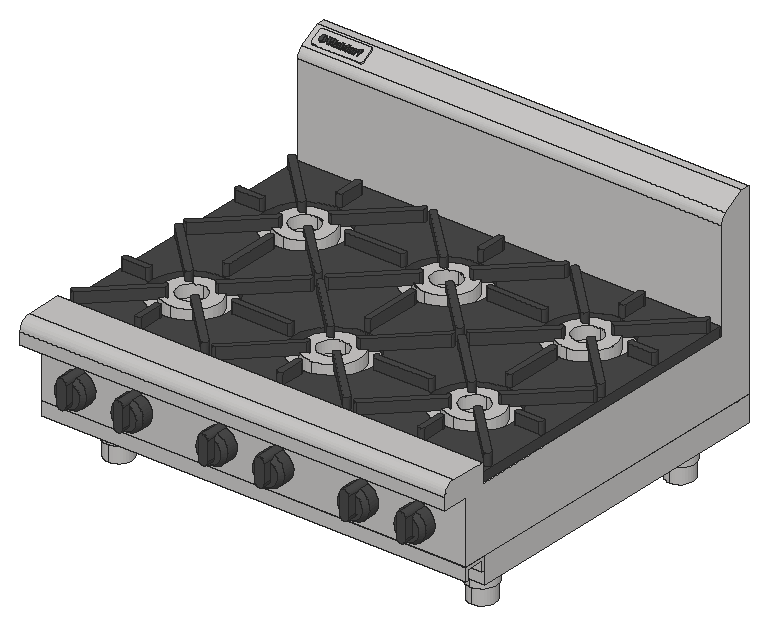
Revit family "QF_MOFFAT WALDORF_RN8600G-B", category Specialty Equipment, Revit 2012 (continued)
Automatic sketch dimensions
  plane 7 "Center Y" to curve 75 = 27.969 mm
  plane 7 "Center Y" to curve 79 = 28.602 mm
  plane 7 "Center Y" to curve 72 = 28.602 mm
  curve 41 to curve 44 = 20.0 mm
  curve 42 to curve 45 = 15.0 mm
  curve 45 to curve 48 = 20.0 mm
  curve 72 to curve 73 = 58.964 mm
  curve 79 to curve 80 = 58.964 mm
  curve 46 to curve 51 = 15.0 mm
  curve 50 to curve 52 = 20.0 mm
  curve 49 to curve 127 = 15.0 mm
  plane 8 "Center X" to curve 79 = 5.774 mm
  plane 7 "Center Y" to curve 79 = 141.74 mm
  plane 8 "Center X" to curve 72 = 24.226 mm
  curve 72 to curve 79 = 0.0 mm
  curve 76 to curve 75 = 143.337 mm
  curve 127 to curve 68 = 18.845 mm
  curve 127 to curve 128 = 20.0 mm
  curve 75 to curve 114 = 6.985 mm
  curve 75 to curve 88 = 13.185 mm
  curve 68 to curve 81 = 13.185 mm
  plane 8 "Center X" to curve 92 = 5.774 mm
  curve 79 to curve 92 = 16.521 mm
  plane 8 "Center X" to curve 85 = 24.226 mm
  curve 72 to curve 85 = 16.521 mm
  curve 129 to curve 131 = 15.0 mm
  curve 131 to curve 134 = 20.0 mm
  curve 131 to curve 138 = 15.0 mm
  curve 73 to curve 73 = 115.536 mm
  curve 80 to curve 80 = 115.73 mm
  curve 135 to curve 137 = 20.0 mm
  curve 137 to curve 140 = 15.0 mm
  curve 140 to curve 141 = 20.0 mm
  curve 80 to curve 92 = 68.101 mm
  curve 73 to curve 85 = 68.295 mm
  curve 92 to curve 88 = 0.633 mm
  curve 85 to curve 81 = 0.633 mm
  curve 88 to curve 89 = 27.899 mm
  curve 81 to curve 82 = 27.899 mm
  curve 85 to curve 87 = 28.581 mm
  curve 121 to curve 101 = 0.021 mm
  curve 82 to curve 98 = 0.07 mm
  curve 98 to curve 84 = 27.477 mm
  curve 100 to curve 91 = 27.477 mm
  curve 100 to curve 90 = 29.628 mm
  curve 99 to curve 83 = 29.628 mm
  plane 4 "RIGHT" to curve 86 = 62.937 mm
  plane 4 "RIGHT" to curve 93 = 60.437 mm
  plane 4 "RIGHT" to curve 84 = 7.654 mm
  plane 4 "RIGHT" to curve 91 = 7.654 mm
  plane 4 "RIGHT" to curve 90 = 7.235 mm
  plane 4 "RIGHT" to curve 83 = 7.235 mm
  plane 4 "RIGHT" to curve 86 = 5.066 mm
  plane 4 "RIGHT" to curve 93 = 2.566 mm
  curve 106 to curve 111 = 100.0 mm
  curve 76 to plane 5 "FRONT" = 121.254 mm
  curve 62 to plane 5 "FRONT" = 121.254 mm
  curve 89 to plane 5 "FRONT" = 121.254 mm
  curve 114 to curve 75 = 23.841 mm
  curve 111 to curve 61 = 23.841 mm
  curve 75 to curve 88 = 0.0 mm
  curve 113 to curve 77 = 23.907 mm
  curve 63 to curve 77 = 0.0 mm
  curve 111 to curve 90 = 23.907 mm
  curve 89 to curve 89 = 58.222 mm
  curve 76 to curve 76 = 58.222 mm
  curve 62 to curve 62 = 58.222 mm
  curve 89 to curve 121 = 3.942 mm
  curve 62 to curve 125 = 3.942 mm
  curve 76 to curve 124 = 3.942 mm
  curve 121 to curve 100 = 27.082 mm
  curve 123 to curve 103 = 27.082 mm
  curve 125 to curve 105 = 27.082 mm
  curve 102 to curve 77 = 26.544 mm
  curve 104 to curve 63 = 26.544 mm
  curve 100 to curve 90 = 26.544 mm
  curve 100 to curve 88 = 28.779 mm
  curve 104 to curve 61 = 28.779 mm
  curve 103 to curve 75 = 28.779 mm
  curve 77 to curve 64 = 30.253 mm
  curve 75 to curve 124 = 28.221 mm
  curve 88 to curve 122 = 28.221 mm
  curve 61 to curve 125 = 28.221 mm
  curve 123 to curve 103 = 0.0 mm
  curve 121 to curve 100 = 0.0 mm
  curve 125 to curve 104 = 0.0 mm
  curve 61 to curve 67 = 28.954 mm
  curve 90 to curve 93 = 31.19 mm
  curve 88 to curve 80 = 28.954 mm
  curve 125 to curve 66 = 27.637 mm
  curve 121 to curve 92 = 27.637 mm
  curve 123 to curve 79 = 27.637 mm
  curve 102 to curve 78 = 27.866 mm
  curve 104 to curve 65 = 27.866 mm
  curve 100 to curve 91 = 27.866 mm
  plane 8 "Center X" to curve 66 = 5.774 mm
  plane 8 "Center X" to curve 91 = 7.735 mm
  curve 66 to curve 112 = 9.226 mm
  curve 112 to curve 84 = 7.265 mm
  curve 112 to curve 58 = 9.226 mm
  plane 8 "Center X" to curve 87 = 78.334 mm
  plane 8 "Center X" to curve 60 = 78.334 mm
  plane 8 "Center X" to curve 74 = 78.334 mm
  curve 87 to curve 119 = 2.584 mm
  curve 74 to curve 117 = 2.584 mm
  curve 60 to curve 116 = 2.584 mm
  curve 115 to curve 95 = 27.082 mm
  curve 119 to curve 98 = 27.082 mm
  curve 117 to curve 97 = 27.082 mm
  curve 96 to curve 71 = 29.134 mm
  curve 99 to curve 84 = 29.134 mm
  curve 94 to curve 57 = 29.134 mm
  curve 94 to curve 58 = 29.363 mm
  curve 98 to curve 85 = 29.363 mm
  curve 97 to curve 72 = 29.363 mm
  curve 72 to curve 73 = 27.529 mm
  curve 58 to curve 59 = 27.529 mm
  curve 84 to curve 86 = 27.757 mm
  curve 57 to curve 95 = 27.866 mm
  curve 84 to curve 98 = 27.866 mm
  curve 71 to curve 118 = 27.866 mm
  curve 71 to curve 56 = 28.069 mm
  curve 96 to curve 68 = 28.221 mm
  curve 98 to curve 81 = 28.221 mm
  curve 94 to curve 53 = 28.221 mm
  curve 83 to curve 99 = 26.544 mm
  curve 55 to curve 94 = 26.544 mm
  curve 70 to curve 96 = 26.544 mm
  curve 117 to curve 69 = 3.942 mm
  curve 116 to curve 54 = 3.942 mm
  curve 120 to curve 82 = 3.942 mm
  plane 1 "BACK" to curve 70 = 93.907 mm
  plane 1 "BACK" to curve 83 = 93.907 mm
  curve 55 to curve 70 = 0.0 mm
  plane 1 "BACK" to curve 81 = 93.841 mm
  curve 53 to curve 1 = 41.781 mm
  curve 68 to curve 81 = 0.0 mm
  curve 82 to curve 82 = 58.222 mm
  curve 69 to curve 69 = 58.222 mm
  curve 54 to curve 2 = 39.194 mm
  curve 81 to curve 114 = 23.841 mm
  curve 114 to curve 52 = 19.218 mm
  plane 1 "BACK" to curve 140 = 50.782 mm
  curve 138 to curve 139 = 0.0 mm
  curve 48 to curve 49 = 0.0 mm
  curve 134 to curve 135 = 0.0 mm
  curve 44 to curve 45 = 0.0 mm
  curve 49 to curve 130 = 0.0 mm
  curve 40 to curve 41 = 0.0 mm
  curve 2 to curve 5 = 1.278 mm
  curve 35 to curve 37 = 0.0 mm  (x2)
  curve 7 to curve 9 = 0.0 mm  (x2)
  curve 32 to curve 33 = 0.0 mm
  curve 10 to curve 13 = 0.0 mm
  curve 28 to curve 29 = 0.0 mm
  curve 14 to curve 17 = 0.0 mm
  curve 18 to curve 21 = 0.0 mm
  plane 1 "BACK" to curve 3 = 21.099 mm
  plane 1 "BACK" to curve 25 = 20.984 mm
  plane 1 "BACK" to curve 20 = 20.984 mm
  plane 1 "BACK" to curve 142 = 20.984 mm
  plane 1 "BACK" to curve 16 = 20.984 mm
  curve 26 to curve 29 = 0.0 mm
  curve 19 to curve 21 = 0.0 mm
  curve 12 to curve 13 = 0.0 mm
  curve 30 to curve 33 = 0.0 mm
  plane 1 "BACK" to curve 127 = 20.984 mm
  curve 38 to curve 41 = 0.0 mm
  curve 128 to curve 132 = 0.0 mm
  curve 42 to curve 45 = 0.0 mm
  curve 133 to curve 135 = 0.0 mm
  curve 46 to curve 50 = 0.0 mm
  Extrusion 1 sketch curve to plane 5 "FRONT" = 0.0 mm
  Extrusion 1 sketch curve to plane 9 "Base Height" = 0.0 mm
  Extrusion 1 sketch curve to plane 6 "TOP" = 0.0 mm
  Extrusion 1 sketch curve to plane 1 "BACK" = 0.0 mm  (x2)
  Extrusion 1 sketch curve to plane 5 "FRONT" = 24.0 mm
  Extrusion 1 sketch curve to plane 5 "FRONT" = 56.0 mm
  Extrusion 1 sketch curve to Extrusion 1 sketch curve = 0.0 mm  (x2)
  Extrusion 1 sketch curve to Extrusion 1 sketch curve = 6.4 mm  (x3)
  Extrusion 1 sketch curve to Extrusion 1 sketch curve = 36.2 mm
  Extrusion 1 sketch curve to Extrusion 1 sketch curve = 44.0 mm
  Extrusion 1 sketch curve to Extrusion 1 sketch curve = 1.0 mm
  plane 1 "BACK" to Extrusion 1 sketch curve = 70.0 mm
  Extrusion 1 sketch curve to plane 6 "TOP" = 24.369 mm
  Extrusion 1 sketch curve to Extrusion 1 sketch curve = 11.291 mm  (x2)
  Extrusion 1 sketch curve to Extrusion 1 sketch curve = 16.5 mm
  plane 9 "Base Height" to Extrusion 1 sketch curve = 27.019 mm  (x2)
  Extrusion 1 sketch curve to Extrusion 1 sketch curve = 20.787 mm
  Extrusion 1 sketch curve to Extrusion 1 sketch curve = 0.794 mm
  Extrusion 1 sketch curve to Extrusion 1 sketch curve = 131.0 mm
  Extrusion 1 sketch curve to Extrusion 1 sketch curve = 140.0 mm
  Extrusion 1 sketch curve to Extrusion 1 sketch curve = 25.0 mm
  Revolve 2 sketch curve to plane 9 "Base Height" = 0.0 mm
  Revolve 2 sketch curve to level = 0.0 mm
  level to Revolve 2 sketch curve = 35.0 mm
  plane 1 "BACK" to Revolve 2 sketch curve = 131.75 mm
  Revolve 2 sketch curve to Revolve 2 sketch curve = 4.25 mm
  Revolve 2 sketch curve to Revolve 2 sketch curve = 27.5 mm
  Revolve 2 sketch curve to Revolve 2 sketch curve = 0.0 mm
  Revolve 2 sketch curve to Revolve 2 sketch curve = 30.0 mm
  Revolve 2 sketch curve to Revolve 2 sketch curve = 55.0 mm
  Revolve 3 sketch curve to level = 0.0 mm
  level to Revolve 3 sketch curve = 35.0 mm
  plane 1 "BACK" to Revolve 3 sketch curve = 131.75 mm
  Revolve 3 sketch curve to Revolve 3 sketch curve = 4.25 mm
  Revolve 3 sketch curve to Revolve 3 sketch curve = 27.5 mm
  Revolve 3 sketch curve to Revolve 3 sketch curve = 0.0 mm
  Revolve 3 sketch curve to Revolve 3 sketch curve = 55.0 mm
  Revolve 3 sketch curve to plane 9 "Base Height" = 30.0 mm
  Revolve 4 sketch curve to plane 5 "FRONT" = 56.0 mm
  Revolve 4 sketch curve to Revolve 4 sketch curve = 10.0 mm
  Revolve 4 sketch curve to Revolve 4 sketch curve = 21.3 mm
  Revolve 4 sketch curve to plane 5 "FRONT" = 23.0 mm
  Revolve 4 sketch curve to plane 5 "FRONT" = 12.0 mm
  Revolve 4 sketch curve to Revolve 4 sketch curve = 0.0 mm  (x2)
  plane 9 "Base Height" to Revolve 4 sketch curve = 117.105 mm
  Revolve 4 sketch curve to Revolve 4 sketch curve = 5.0 mm
  Revolve 4 sketch curve to Revolve 4 sketch curve = 26.651 mm
  Revolve 4 sketch curve to Revolve 4 sketch curve = 5.849 mm
  plane 3 "LEFT" to Extrusion 5 sketch curve = 200.0 mm
  Extrusion 5 sketch curve to Extrusion 5 sketch curve = 10.0 mm
  plane 9 "Base Height" to Extrusion 5 sketch curve = 105.003 mm
  Extrusion 5 sketch curve to Extrusion 5 sketch curve = 38.997 mm
  plane 1 "BACK" to Extrusion 6 sketch curve = 32.0 mm
  plane 4 "RIGHT" to Extrusion 6 sketch curve = 130.0 mm
  Revolve 7 sketch curve to plane 5 "FRONT" = 12.0 mm
  Revolve 7 sketch curve to Revolve 7 sketch curve = 0.0 mm  (x2)
  Revolve 7 sketch curve to Revolve 7 sketch curve = 11.0 mm
  Revolve 7 sketch curve to Revolve 7 sketch curve = 12.7 mm
  Revolve 7 sketch curve to Revolve 7 sketch curve = 23.0 mm
  Revolve 7 sketch curve to Revolve 7 sketch curve = 10.0 mm
  plane 9 "Base Height" to Revolve 7 sketch curve = 149.373 mm
  Revolve 7 sketch curve to Revolve 7 sketch curve = 5.849 mm
  Revolve 7 sketch curve to Revolve 7 sketch curve = 27.5 mm
  Revolve 7 sketch curve to Revolve 7 sketch curve = 5.0 mm
  plane 3 "LEFT" to Extrusion 8 sketch curve = 100.0 mm
  Extrusion 8 sketch curve to Extrusion 8 sketch curve = 10.0 mm
  plane 9 "Base Height" to Extrusion 8 sketch curve = 144.0 mm
  Extrusion 8 sketch curve to Extrusion 8 sketch curve = 39.0 mm
  Extrusion 1 to Extrusion 9 sketch curve = 1.0 mm  (x2)
  Extrusion 9 sketch curve to Extrusion 9 sketch curve = 3.0 mm  (x2)
  Extrusion 1 to Extrusion 9 sketch curve = 167.5 mm  (x3)
  Extrusion 9 sketch curve to Extrusion 1 = 167.5 mm  (x3)
  Extrusion 9 sketch curve to Extrusion 1 = 4.0 mm  (x2)
  Extrusion 9 sketch curve to Extrusion 1 = 1.0 mm
  Extrusion 1 to Extrusion 9 sketch curve = 150.0 mm  (x4)
  Extrusion 9 sketch curve to Extrusion 9 sketch curve = 300.0 mm
  Extrusion 10 sketch curve to Extrusion 9 = 22.602 mm  (x6)
  Extrusion 10 sketch curve to Extrusion 9 = 25.398 mm  (x6)
  Extrusion 10 sketch curve to Extrusion 10 sketch curve = 4.525 mm  (x48)
  Extrusion 10 sketch curve to Extrusion 10 sketch curve = 49.204 mm  (x5)
  Extrusion 10 sketch curve to Extrusion 10 sketch curve = 55.923 mm  (x22)
  Extrusion 10 sketch curve to Extrusion 10 sketch curve = 0.0 mm  (x18)
  Extrusion 10 sketch curve to Extrusion 10 sketch curve = 20.524 mm  (x17)
  Extrusion 10 sketch curve to Extrusion 9 = 7.898 mm  (x4)
  Extrusion 10 sketch curve to Extrusion 10 sketch curve = 6.4 mm  (x17)
  Extrusion 10 sketch curve to Extrusion 10 sketch curve = 53.847 mm  (x24)
  Extrusion 10 sketch curve to Extrusion 9 = 5.102 mm  (x5)
  Extrusion 10 sketch curve to Extrusion 10 sketch curve = 128.447 mm  (x10)
  Extrusion 10 sketch curve to Extrusion 10 sketch curve = 12.205 mm  (x14)
  Extrusion 10 sketch curve to Extrusion 9 = 14.153 mm  (x3)
  Extrusion 10 sketch curve to Extrusion 10 sketch curve = 116.204 mm  (x7)
  Extrusion 10 sketch curve to Extrusion 9 = 31.653 mm  (x4)
  Extrusion 10 sketch curve to Extrusion 9 = 57.102 mm  (x2)
  Extrusion 1 to Split face 1 sketch curve = 5.177 mm
  Split face 1 sketch curve to Extrusion 1 = 9.153 mm
  Split face 1 sketch curve to Extrusion 1 = 154.563 mm
  Split face 1 sketch curve to Split face 1 sketch curve = 20.0 mm
  Revolve 11 sketch curve to plane 5 "FRONT" = 56.0 mm
  Revolve 11 sketch curve to Revolve 11 sketch curve = 10.0 mm
  Revolve 11 sketch curve to Revolve 11 sketch curve = 21.3 mm
  Revolve 11 sketch curve to plane 5 "FRONT" = 23.0 mm
  Revolve 11 sketch curve to plane 5 "FRONT" = 12.0 mm
  Revolve 11 sketch curve to Revolve 11 sketch curve = 0.0 mm  (x2)
  plane 9 "Base Height" to Revolve 11 sketch curve = 117.105 mm
  Revolve 11 sketch curve to Revolve 11 sketch curve = 5.0 mm
  Revolve 11 sketch curve to Revolve 11 sketch curve = 26.651 mm
  Revolve 11 sketch curve to Revolve 11 sketch curve = 5.849 mm
  plane 7 "Center Y" to Extrusion 12 sketch curve = 50.0 mm
  Extrusion 12 sketch curve to Extrusion 12 sketch curve = 10.0 mm
  plane 9 "Base Height" to Extrusion 12 sketch curve = 105.003 mm
  Extrusion 12 sketch curve to Extrusion 12 sketch curve = 38.997 mm
  Revolve 13 sketch curve to plane 5 "FRONT" = 12.0 mm
  Revolve 13 sketch curve to Revolve 13 sketch curve = 0.0 mm  (x2)
  Revolve 13 sketch curve to Revolve 13 sketch curve = 11.0 mm
  Revolve 13 sketch curve to Revolve 13 sketch curve = 12.7 mm
  Revolve 13 sketch curve to Revolve 13 sketch curve = 23.0 mm
  Revolve 13 sketch curve to Revolve 13 sketch curve = 10.0 mm
  plane 9 "Base Height" to Revolve 13 sketch curve = 149.373 mm
  Revolve 13 sketch curve to Revolve 13 sketch curve = 5.849 mm
  Revolve 13 sketch curve to Revolve 13 sketch curve = 27.5 mm
  Revolve 13 sketch curve to Revolve 13 sketch curve = 5.0 mm
  Extrusion 14 sketch curve to plane 7 "Center Y" = 50.0 mm
  Extrusion 14 sketch curve to Extrusion 14 sketch curve = 10.0 mm
  plane 9 "Base Height" to Extrusion 14 sketch curve = 144.0 mm
  Extrusion 14 sketch curve to Extrusion 14 sketch curve = 39.0 mm
  Revolve 15 sketch curve to Revolve 15 sketch curve = 23.0 mm
  Revolve 15 sketch curve to Revolve 15 sketch curve = 12.7 mm
  Revolve 15 sketch curve to Revolve 15 sketch curve = 0.0 mm  (x2)
  plane 9 "Base Height" to Revolve 15 sketch curve = 117.105 mm
  Revolve 15 sketch curve to Revolve 15 sketch curve = 5.0 mm
  Revolve 15 sketch curve to Revolve 15 sketch curve = 26.651 mm
  Revolve 15 sketch curve to Revolve 15 sketch curve = 5.849 mm
  plane 4 "RIGHT" to Extrusion 16 sketch curve = 100.0 mm
  Extrusion 16 sketch curve to Extrusion 16 sketch curve = 10.0 mm
  plane 9 "Base Height" to Extrusion 16 sketch curve = 105.003 mm
  Extrusion 16 sketch curve to Extrusion 16 sketch curve = 38.997 mm
  Revolve 17 sketch curve to plane 5 "FRONT" = 12.0 mm
  Revolve 17 sketch curve to Revolve 17 sketch curve = 0.0 mm  (x2)
  Revolve 17 sketch curve to Revolve 17 sketch curve = 11.0 mm
  Revolve 17 sketch curve to Revolve 17 sketch curve = 12.7 mm
  Revolve 17 sketch curve to Revolve 17 sketch curve = 23.0 mm
  Revolve 17 sketch curve to Revolve 17 sketch curve = 10.0 mm
  plane 9 "Base Height" to Revolve 17 sketch curve = 149.373 mm
  Revolve 17 sketch curve to Revolve 17 sketch curve = 5.849 mm
  Revolve 17 sketch curve to Revolve 17 sketch curve = 27.5 mm
  Revolve 17 sketch curve to Revolve 17 sketch curve = 5.0 mm
  plane 4 "RIGHT" to Extrusion 18 sketch curve = 200.0 mm
  Extrusion 18 sketch curve to Extrusion 18 sketch curve = 10.0 mm
  plane 9 "Base Height" to Extrusion 18 sketch curve = 144.0 mm
  Extrusion 18 sketch curve to Extrusion 18 sketch curve = 39.0 mm
  Revolve 19 sketch curve to plane 9 "Base Height" = 0.0 mm
  Revolve 19 sketch curve to level = 0.0 mm
  level to Revolve 19 sketch curve = 35.0 mm
  Revolve 19 sketch curve to plane 5 "FRONT" = 148.25 mm
  Revolve 19 sketch curve to Revolve 19 sketch curve = 4.25 mm
  Revolve 19 sketch curve to Revolve 19 sketch curve = 27.5 mm
  Revolve 19 sketch curve to Revolve 19 sketch curve = 0.0 mm
  Revolve 19 sketch curve to plane 9 "Base Height" = 30.0 mm
  Revolve 19 sketch curve to Revolve 19 sketch curve = 55.0 mm
  Revolve 20 sketch curve to plane 9 "Base Height" = 0.0 mm
  Revolve 20 sketch curve to level = 0.0 mm
  level to Revolve 20 sketch curve = 35.0 mm
  Revolve 20 sketch curve to plane 5 "FRONT" = 148.25 mm
  Revolve 20 sketch curve to Revolve 20 sketch curve = 4.25 mm
  Revolve 20 sketch curve to Revolve 20 sketch curve = 27.5 mm
  Revolve 20 sketch curve to Revolve 20 sketch curve = 0.0 mm
  Revolve 20 sketch curve to Revolve 20 sketch curve = 55.0 mm
  Revolve 20 sketch curve to Revolve 20 sketch curve = 30.0 mm
  Extrusion 1 to Split face 2 sketch curve = 5.177 mm
  Split face 2 sketch curve to Extrusion 1 = 9.153 mm
  Split face 2 sketch curve to Extrusion 1 = 189.563 mm
  Split face 2 sketch curve to Split face 2 sketch curve = 20.0 mm
  Extrusion 1 to Split face 3 sketch curve = 5.177 mm
  Split face 3 sketch curve to Extrusion 1 = 9.153 mm
  Split face 3 sketch curve to Extrusion 1 = 224.563 mm
  Split face 3 sketch curve to Split face 3 sketch curve = 20.0 mm
  Extrusion 1 to Split face 4 sketch curve = 5.177 mm
  Split face 4 sketch curve to Extrusion 1 = 9.153 mm
  Split face 4 sketch curve to Extrusion 1 = 259.563 mm
  Split face 4 sketch curve to Split face 4 sketch curve = 20.0 mm
  Extrusion 1 to Split face 5 sketch curve = 5.177 mm
  Split face 5 sketch curve to Extrusion 1 = 9.153 mm
  Split face 5 sketch curve to Extrusion 1 = 294.563 mm
  Split face 5 sketch curve to Split face 5 sketch curve = 20.0 mm
  Extrusion 1 to Split face 6 sketch curve = 5.177 mm
  Split face 6 sketch curve to Extrusion 1 = 9.153 mm
  Split face 6 sketch curve to Extrusion 1 = 329.563 mm
  Split face 6 sketch curve to Split face 6 sketch curve = 20.0 mm
  Extrusion 1 to Split face 7 sketch curve = 5.177 mm
  Split face 7 sketch curve to Extrusion 1 = 9.153 mm
  Split face 7 sketch curve to Extrusion 1 = 364.563 mm
  Split face 7 sketch curve to Split face 7 sketch curve = 20.0 mm
  Extrusion 1 to Split face 8 sketch curve = 5.177 mm
  Split face 8 sketch curve to Extrusion 1 = 9.153 mm
  Split face 8 sketch curve to Extrusion 1 = 399.563 mm
  Split face 8 sketch curve to Split face 8 sketch curve = 20.0 mm
  Extrusion 1 to Split face 9 sketch curve = 5.177 mm
  Split face 9 sketch curve to Extrusion 1 = 9.153 mm
  Split face 9 sketch curve to Extrusion 1 = 434.563 mm
  Split face 9 sketch curve to Split face 9 sketch curve = 20.0 mm
  Extrusion 1 to Split face 10 sketch curve = 5.177 mm
  Split face 10 sketch curve to Extrusion 1 = 9.153 mm
  Split face 10 sketch curve to Extrusion 1 = 430.437 mm
  Split face 10 sketch curve to Split face 10 sketch curve = 20.0 mm
  Extrusion 1 to Split face 11 sketch curve = 5.177 mm
  Split face 11 sketch curve to Extrusion 1 = 9.153 mm
  Split face 11 sketch curve to Extrusion 1 = 395.437 mm
  Split face 11 sketch curve to Split face 11 sketch curve = 20.0 mm
  Extrusion 1 to Split face 12 sketch curve = 5.177 mm
  Split face 12 sketch curve to Extrusion 1 = 9.153 mm
  Split face 12 sketch curve to Extrusion 1 = 360.437 mm
  Split face 12 sketch curve to Split face 12 sketch curve = 20.0 mm
  Extrusion 1 to Split face 13 sketch curve = 5.177 mm
  Split face 13 sketch curve to Extrusion 1 = 9.153 mm
  Split face 13 sketch curve to Extrusion 1 = 325.437 mm
  Split face 13 sketch curve to Split face 13 sketch curve = 20.0 mm
  Extrusion 1 to Split face 14 sketch curve = 5.177 mm
  Split face 14 sketch curve to Extrusion 1 = 9.153 mm
  Split face 14 sketch curve to Extrusion 1 = 290.437 mm
  Split face 14 sketch curve to Split face 14 sketch curve = 20.0 mm
  Extrusion 1 to Split face 15 sketch curve = 5.177 mm
  Split face 15 sketch curve to Extrusion 1 = 9.153 mm
  Split face 15 sketch curve to Extrusion 1 = 255.437 mm
  Split face 15 sketch curve to Split face 15 sketch curve = 20.0 mm
  Extrusion 1 to Split face 16 sketch curve = 5.177 mm
  Split face 16 sketch curve to Extrusion 1 = 9.153 mm
  Split face 16 sketch curve to Extrusion 1 = 220.437 mm
  Split face 16 sketch curve to Split face 16 sketch curve = 20.0 mm
  Extrusion 9 sketch curve to Extrusion 9 sketch curve = 0.0 mm
  Extrusion 1 to Extrusion 21 sketch curve = 110.5 mm  (x3)
  Extrusion 21 sketch curve to Extrusion 21 sketch curve = 57.0 mm  (x6)
  Extrusion 1 to Extrusion 21 sketch curve = 150.0 mm  (x4)
  Extrusion 21 sketch curve to Extrusion 21 sketch curve = 186.0 mm  (x3)
  Extrusion 21 sketch curve to Extrusion 21 sketch curve = 300.0 mm
  Extrusion 21 sketch curve to Extrusion 21 sketch curve = 0.0 mm  (x13)
  Extrusion 21 sketch curve to Extrusion 21 sketch curve = 27.0 mm  (x6)
  curve 94 to curve 143 = 0.0 mm  (x2)
  curve 94 to curve 144 = 27.0 mm
  curve 96 to curve 145 = 0.0 mm  (x2)
  curve 96 to curve 146 = 27.0 mm
  curve 98 to curve 147 = 0.0 mm  (x2)
  curve 98 to curve 147 = 27.0 mm
  curve 100 to curve 149 = 0.0 mm  (x2)
  curve 100 to curve 150 = 27.0 mm
  curve 102 to curve 151 = 0.0 mm  (x2)
  curve 102 to curve 151 = 27.0 mm
  curve 104 to curve 153 = 0.0 mm  (x2)
  curve 104 to curve 154 = 27.0 mm
  radius of Extrusion 6 sketch curve = 13.5 mm
  radius of Extrusion 9 sketch curve = 84.082 mm  (x6)
Nested families
  nested 1: "WALDORF LOGO_FACE BASE" at (12.5, -21.513, 527.106) x (1, 0, 0) z (0, -0.5, 0.866), visible <- "Show Logo", type "WALDORF LOGO_FACE BASE", detail levels medium+fine
    with Show Logo yes
Connectors
  piping at (770, -32, 55)
    settings: on Extrusion 6, index 2, connector radius 0.37402", flow factor 0, pipe flow 0 GPM, pressure drop 0.00 psi, fitting loss kfactor 0, connector angle 0.00°, fixture units 0, engagement length 0.0 mm, flow configuration 1, flow direction 1, fitting loss method 0, system type 7, joint type 0, gender type 0, connector reference index -1, connector utility 0, adjustable connector no, is connector primary yes, fitting loss table "", connector description "GAS CONNECTION"
Definition of nested family "WALDORF LOGO_FACE BASE"
  Parameters (values of type "WALDORF LOGO_FACE BASE")
    Show Logo [instance] = yes
    Default Elevation = 1219.2 mm
  Reference planes
    plane 1 "Center (Front/Back)": y = 0
    plane 2: z = 0
    plane 3 "Center (Left/Right)": x = 0
  Forms (mm)
    Extrusion 1, solid
      sketch origin (0, 0, 0) x (1, 0, 0) y (0, 1, 0)
        loop
          line (-1219.2, 1219.2) -> (-1219.2, -1219.2) -> (1219.2, -1219.2) -> (1219.2, 1219.2) -> (-1219.2, 1219.2)
      from 0 to -304.8
    Extrusion 2, solid, material "QF_Finishes_Stainless Steel", visible <- "Show Logo"
      sketch origin (0, -33.217, 0) x (1, 0, 0) y (0, 1, 0)
        loop
          arc (5, 34.14) -> (1.464, 32.676) -> (0, 29.14) r 5
          line (0, 29.14) -> (0, 5)
          arc (0, 5) -> (1.464, 1.464) -> (5, 0) r 5
          line (5, 0) -> (104, 0)
          arc (104, 0) -> (107.536, 1.464) -> (109, 5) r 5
          line (109, 5) -> (109, 29.14)
          arc (109, 29.14) -> (107.536, 32.676) -> (104, 34.14) r 5
          line (104, 34.14) -> (5, 34.14)
      from 0 to 1.588
    Extrusion 3, solid, material "QF_Finishes_Black", visible <- "Show Logo"
      sketch origin (0, -33.217, 1.588) x (1, 0, 0) y (0, 1, 0)
        loop
          line (24.772, 23.214) -> (27.992, 10.301) -> (31.551, 10.301) -> (33.443, 17.364) -> (35.205, 10.301) -> (39.332, 10.301) -> (42.077, 23.214) -> (38.352, 23.214) -> (36.676, 15.33) -> (35, 23.214) -> (31.752, 23.214) -> (30.076, 15.33) -> (28.4, 23.214) -> (24.772, 23.214)
        loop
          line (42.272, 17.055) -> (45.703, 17.055)
          spline (45.703, 17.055) -> (45.741, 17.285) -> (45.852, 17.499) -> (46.028, 17.682) -> (46.258, 17.823) -> (46.526, 17.912) -> (46.813, 17.942) -> (47.1, 17.912) -> (47.368, 17.823) -> (47.597, 17.682) -> (47.774, 17.499) -> (47.884, 17.285) -> (47.922, 17.055)
          line (47.922, 17.055) -> (47.922, 16.222)
          arc (47.922, 16.222) -> (45.742, 16.014) -> (43.665, 15.317) r 9.604
          arc (43.665, 15.317) -> (41.924, 12.809) -> (43.665, 10.301) r 2.677
          arc (43.665, 10.301) -> (45.527, 10.353) -> (47.332, 10.816) r 8.365
          line (47.332, 10.816) -> (48.092, 11.105) -> (48.092, 10.301) -> (51.817, 10.301) -> (51.817, 17.055)
          spline (51.817, 17.055) -> (51.654, 17.821) -> (51.178, 18.535) -> (50.419, 19.148) -> (49.431, 19.619) -> (48.28, 19.914) -> (47.044, 20.015) -> (45.809, 19.914) -> (44.658, 19.619) -> (43.67, 19.148) -> (42.911, 18.535) -> (42.434, 17.821) -> (42.272, 17.055)
        loop
          line (53.151, 23.214) -> (53.151, 10.301) -> (57.37, 10.301) -> (57.37, 23.214) -> (53.151, 23.214)
        loop
          line (64.874, 23.214) -> (64.874, 18.857)
          arc (64.874, 18.857) -> (58.083, 15.11) -> (64.874, 11.363) r 4.429
          line (64.874, 11.363) -> (64.874, 10.301) -> (68.378, 10.301) -> (68.378, 23.214) -> (64.874, 23.214)
        loop
          arc (64.874, 16.083) -> (61.41, 14.987) -> (64.874, 13.891) r 1.905
          line (64.874, 13.891) -> (64.874, 16.083)
        loop
          circle (74.623, 15.223) r 5
        loop
          spline (74.623, 17.856) -> (74.355, 17.766) -> (74.105, 17.503) -> (73.891, 17.084) -> (73.726, 16.539) -> (73.623, 15.904) -> (73.588, 15.223) -> (73.623, 14.541) -> (73.726, 13.906) -> (73.891, 13.361) -> (74.105, 12.942) -> (74.355, 12.679) -> (74.623, 12.59)
          spline (74.623, 12.59) -> (74.891, 12.679) -> (75.141, 12.942) -> (75.355, 13.361) -> (75.52, 13.906) -> (75.623, 14.541) -> (75.659, 15.223) -> (75.623, 15.904) -> (75.52, 16.539) -> (75.355, 17.084) -> (75.141, 17.503) -> (74.891, 17.766) -> (74.623, 17.856)
        loop
          line (81.255, 19.813) -> (81.255, 10.301) -> (84.834, 10.301) -> (84.834, 14.176)
          arc (84.834, 14.176) -> (85.854, 16.093) -> (88.013, 16.32) r 2.313
          line (88.013, 16.32) -> (88.013, 19.813) -> (87.161, 19.813)
          arc (87.161, 19.813) -> (85.526, 19.266) -> (84.549, 17.844) r 2.717
          line (84.549, 17.844) -> (84.549, 19.813) -> (81.255, 19.813)
        loop
          line (90.249, 19.813) -> (88.91, 19.813) -> (88.91, 17.614) -> (90.249, 17.614) -> (90.249, 10.301) -> (93.998, 10.301) -> (93.998, 17.614) -> (95.418, 17.614) -> (95.418, 19.813) -> (93.998, 19.813)
          arc (93.998, 19.813) -> (94.414, 20.817) -> (95.418, 21.233) r 1.42
          line (95.418, 21.233) -> (95.418, 23.602) -> (93.317, 23.602)
          arc (93.317, 23.602) -> (91.343, 22.903) -> (90.249, 21.118) r 3.137
          line (90.249, 21.118) -> (90.249, 19.813)
        loop
          arc (15.241, 23.571) -> (8.392, 16.525) -> (15.241, 9.479) r 7.049
          line (15.241, 9.479) -> (15.241, 23.571)
        loop
          line (15.641, 23.571) -> (15.641, 9.479)
          arc (15.641, 9.479) -> (22.49, 16.525) -> (15.641, 23.571) r 7.049
        loop
          arc (47.922, 14.711) -> (46.266, 13.749) -> (47.922, 12.787) r 1.107
          line (47.922, 12.787) -> (47.922, 14.711)
      from 0 to 0.2
  Dimensions and locks
    aligned and locked: plane 2 to Extrusion 1
    aligned and locked: level to Extrusion 1
